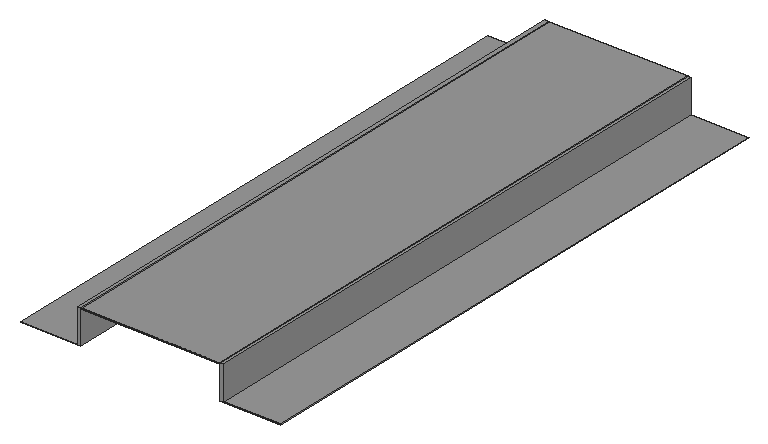
Revit family "OKA-G Installationkanal mit Gewebe_blind_Höhe 40-140mm", category Generic Models, Revit 2015
Parameters (values of type "OKA-G60040140")
  Width = 600 mm
  URL = "http://www.obo-bettermann.com"
  Material = Steel, Galvanized
  Manufacturer Art. No. = "7424008"
  Manufacturer = "OBO Bettermann"
  Length [instance] = 2400 mm
  Height [instance] = 140 mm
  GTIN = "4012195242994"
  Article Type = "OKA-G60040140"
Types (6, lengths in mm): name | Width | Manufacturer Art. No. | GTIN | Article Type
  (no name) | 600 | "7424008" | "4012195242994" | "OKA-G60040140"
  OKA-G20040140 | 200 | "7424000" | "4012195242925" | "OKA-G20040140"
  OKA-G30040140 | 300 | "7424002" | "4012195242932" | "OKA-G30040140"
  OKA-G40040140 | 400 | "7424004" | "4012195242949" | "OKA-G40040140"
  OKA-G50040140 | 500 | "7424006" | "4012195242987" | "OKA-G50040140"
  OKA-G60040140 | 600 | "7424008" | "4012195242994" | "OKA-G60040140"
Reference planes
  plane 1 "Center (Front/Back)": y = 0
  plane 2: z = 0
  plane 3 "Center (Left/Right)": x = 0
  plane 4: z = 140
  plane 5: y = -2400
  plane 6: x = 300
  plane 7: x = -300
Forms (mm)
  Extrusion 1, solid, material "Aluminum 6061"
    sketch origin (0, 0, 0) x (1, 0, 0) y (0, 0, 1)
      loop
        line (285, 140) -> (285, 0) -> (535, 0) -> (535, 1) -> (300, 1) -> (300, 140) -> (285, 140)
      loop
        line (-300, 1) -> (-535, 1) -> (-535, 0) -> (-285, 0) -> (-285, 140) -> (-300, 140) -> (-300, 1)
    from 0 to 2400
  Extrusion 2, solid, material "Steel, Galvanized" <- "Material"
    sketch origin (0, 0, 0) x (1, 0, 0) y (0, 0, 1)
      loop
        line (285, 136) -> (285, 140) -> (-285, 140) -> (-285, 136) -> (285, 136)
    from 0 to 2400
Lines and regions (mm)
  model lines
    curve 1: line (-300, 0, 140) -> (-285, 0, 140)
    curve 2: line (-285, 0, 140) -> (-285, 0, 0)
    curve 3: line (-285, 0, 0) -> (-535, 0, 0)
    curve 4: line (-535, 0, 0) -> (-535, 0, 1)
    curve 5: line (-535, 0, 1) -> (-300, 0, 1)
    curve 6: line (-300, 0, 1) -> (-300, 0, 140)
    curve 7: line (285, 0, 140) -> (285, 0, 0)
    curve 8: line (285, 0, 0) -> (535, 0, 0)
    curve 9: line (535, 0, 0) -> (535, 0, 1)
    curve 10: line (535, 0, 1) -> (300, 0, 1)
    curve 11: line (300, 0, 1) -> (300, 0, 140)
    curve 12: line (300, 0, 140) -> (285, 0, 140)
    curve 13: line (285, 0, 140) -> (285, 0, 0)
    curve 14: line (-285, 0, 0) -> (-285, 0, 140)
    curve 15: line (-285, 0, 140) -> (285, 0, 140)
    curve 16: line (-285, 0, 136) -> (285, 0, 136)
Dimensions and locks
  locked: curve 5 to curve 3 at 1
  locked: curve 2 to curve 6 at 15
  locked: curve 10 to curve 8 at 1
  locked: curve 2 to curve 4 at 250
  locked: curve 9 to curve 7 at 250
  locked: curve 11 to curve 7 at 15
  "Length": plane 1 "Center (Front/Back)" to plane 5
  equal spacing: plane 7, plane 3 "Center (Left/Right)", plane 6
  "Width": plane 7 to plane 6
  "Height": level to plane 4
  locked: curve 16 to curve 15 at 4
  aligned and locked: level to plane 2
  aligned and locked: level to curve 3
  aligned and locked: curve 6 to plane 7
  aligned and locked: curve 11 to plane 6
  aligned and locked: plane 4 to curve 1
  aligned and locked: curve 8 to level
  aligned and locked: Extrusion 1 sketch curve to curve 13
  aligned and locked: Extrusion 1 sketch curve to curve 12
  aligned and locked: Extrusion 1 sketch curve to curve 11
  aligned and locked: Extrusion 1 sketch curve to curve 10
  aligned and locked: Extrusion 1 sketch curve to curve 9
  aligned and locked: Extrusion 1 sketch curve to curve 8
  aligned and locked: Extrusion 1 sketch curve to curve 6
  aligned and locked: Extrusion 1 sketch curve to curve 14
  aligned and locked: Extrusion 1 sketch curve to curve 1
  aligned and locked: Extrusion 1 sketch curve to curve 5
  aligned and locked: Extrusion 1 sketch curve to curve 3
  aligned and locked: Extrusion 1 sketch curve to curve 4
  aligned and locked: Extrusion 1 to plane 5
  aligned and locked: Extrusion 2 sketch curve to curve 16
  aligned and locked: Extrusion 2 sketch curve to curve 15
  aligned and locked: Extrusion 2 sketch curve to curve 2
  aligned and locked: Extrusion 2 sketch curve to curve 7
  aligned and locked: Extrusion 2 to plane 5
